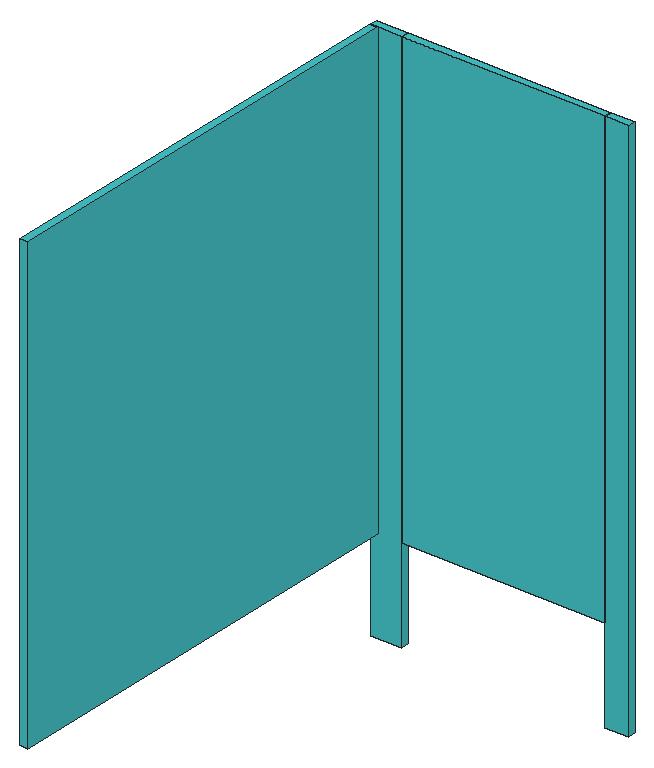
Revit family "PFX_A3-Toilet-Stall-540", category Specialty Equipment, host Wall, Revit 2016
Family settings
  Host = Wall
  Part Type = Normal
  Round Connector Dimension = Use Diameter
  Always vertical = Yes
  Cut with Voids When Loaded = No
  Shared = No
  Room Calculation Point = No
Parameters (values of type "Toilet Stall 32" x 56" Clear")
  Assembly Code = "C1030100"
  Door Width = 2' - 2"
  Length = 4' - 8"
  Toilet Partition = Toilet Partition
  Width = 2' - 8"
Types (2): name | Length | Width
  Toilet Stall 32" x 56" Clear | 4' - 8" | 2' - 8"
  Toilet Stall 36" x 60" Clear | 5' - 0" | 3' - 0"
Reference planes (in)
  plane 1: y = 0
  plane 2: x = 15.94107
  plane 3: y = 2.5
  plane 4 "Center (L/R)": x = 31.94107
  plane 5: x = -0.05893
  plane 6: y = 58.5
  plane 7 "Center (F/B)": y = 2.5
  plane 8: x = -1.05893
  plane 9: y = 59.5
  plane 10: x = 9.94107
  plane 11: z = 12
  plane 12: z = 70
  plane 13: x = 2.94107
  plane 14: x = 28.94107
Forms (in)
  Extrusion 1, solid, material "Toilet Partition" <- "Toilet Partition"
    sketch origin (-60, 2.5625, 0) x (-1, 0, 0) y (0, 0, 1)
      loop
        line (-59.94107, 70) -> (-59.94107, 12) -> (-58.94107, 12) -> (-58.94107, 70) -> (-59.94107, 70)
    from -0.0625 to 55.9375
  Extrusion 2, solid, material "Toilet Partition" <- "Toilet Partition"
    sketch origin (0, 0, 0) x (1, 0, 0) y (0, 1, 0)
      loop
        line (-1.05893, 59.5) -> (-1.05893, 58.5) -> (2.94107, 58.5) -> (2.94107, 59.5) -> (-1.05893, 59.5)
      loop
        line (28.94107, 59.5) -> (28.94107, 58.5) -> (31.94107, 58.5) -> (31.94107, 59.5) -> (28.94107, 59.5)
    from 0 to 70
  Extrusion 3, solid, material "Toilet Partition" <- "Toilet Partition"
    sketch origin (0, 0, 0) x (1, 0, 0) y (0, 1, 0)
      loop
        line (2.94107, 59.5) -> (2.94107, 58.5) -> (28.94107, 58.5) -> (28.94107, 59.5) -> (2.94107, 59.5)
    from 12 to 70
Lines and regions (in)
  model lines, style "InvisibleLines"
    curve 1: line (31.94107, 2.5, 0) -> (31.94107, 58.5, 0)
    curve 3: line (31.94107, 2.5, 0) -> (31.94107, 2.5, 70)
  model lines, style "SpecialityEquipment"
    curve 2: line (-1.05893, 2.5, 70) -> (-0.05893, 2.5, 70)
  model lines, style "Toilet Accessories-Dashed"
    curve 4: line (-0.05893, 2.5, 70) -> (31.94107, 2.5, 70)
    curve 5: line (-0.05893, 2.5, 12) -> (31.94107, 2.5, 12)
  symbolic lines, style "Toilet Accessories-Dashed"
    curve 6: line (28.94107, 0, 70) -> (2.94107, 0, 41)
    curve 7: line (2.94107, 0, 41) -> (28.94107, 0, 12)
  symbolic lines, style "Toilet Accessories"
    curve 8: line (-1.05893, 2.5, 0) -> (-1.05893, 59.5, 0)
    curve 9: line (-1.05893, 59.5, 0) -> (2.94107, 59.5, 0)
    curve 10: line (2.94107, 59.5, 0) -> (2.94107, 58.5, 0)
    curve 11: line (2.94107, 58.5, 0) -> (-0.05893, 58.5, 0)
    curve 12: line (-0.05893, 58.5, 0) -> (-0.05893, 2.5, 0)
    curve 13: line (-0.05893, 2.5, 0) -> (-1.05893, 2.5, 0)
    curve 14: line (28.94107, 59.5, 0) -> (28.94107, 58.5, 0)
    curve 15: line (28.94107, 58.5, 0) -> (31.94107, 58.5, 0)
    curve 16: line (31.94107, 59.5, 0) -> (28.94107, 59.5, 0)
    curve 17: line (2.94107, 58.5, 0) -> (2.94107, 32.5, 0)
    curve 18: line (2.94107, 32.5, 0) -> (3.94107, 32.5, 0)
    curve 19: line (3.94107, 32.5, 0) -> (3.94107, 58.5, 0)
    curve 20: line (3.94107, 58.5, 0) -> (2.94107, 58.5, 0)
    curve 21: arc (28.94107, 58.5, 0) -> (21.32585, 40.11522, 0) -> (2.94107, 32.5, 0) r 26
    curve 22: line (31.94107, 59.5, 0) -> (31.94107, 58.5, 0)
Text (in)
  text "Placement Side" at (0, 40.15149, 123.01588), in view "Right"
  text "Placement Side, matches cursor" at (-46.06407, 47.04732, 0), in view "Floor Line"
  text "Placement Side" at (0, 65.23256, 117.93067), in view "Left"
Dimensions and locks (in)
  "Width": plane 5 to plane 4 "Center (L/R)"
  locked: plane 7 "Center (F/B)" to host wall
  "Length": plane 7 "Center (F/B)" to plane 6
  locked: plane 6 to plane 9 at 1
  locked: plane 8 to plane 5 at 1
  plane 11 to plane 12 = 4' - 10"
  host wall to plane 11 = 1' - 0"
  equal spacing: plane 5, plane 2, plane 4 "Center (L/R)"
  equal spacing: plane 11, curve 7, plane 12
  locked: plane 8 to plane 13 at 4
  "Door Width": plane 13 to plane 14
  locked: curve 17 to curve 19 at 1
  aligned and locked: plane 3 to host wall
  aligned and locked: Extrusion 1 to plane 6
  aligned and locked: Extrusion 2 sketch curve to plane 9
  aligned and locked: Extrusion 2 sketch curve to plane 6  (x2)
  aligned and locked: Extrusion 2 sketch curve to plane 4 "Center (L/R)"
  aligned and locked: Extrusion 2 to curve 2
  aligned and locked: Extrusion 3 sketch curve to Extrusion 2  (x2)
  aligned and locked: plane 11 to Extrusion 3
  aligned and locked: plane 13 to curve 10
  aligned and locked: plane 13 to curve 17
  aligned and locked: plane 14 to curve 14
  aligned and locked: Extrusion 3 sketch curve to plane 13
  aligned and locked: Extrusion 2 sketch curve to plane 14
  aligned and locked: plane 13 to Extrusion 2 sketch curve
  aligned and locked: curve 6 to Extrusion 2
  aligned and locked: curve 7 to Extrusion 3
  aligned: curve 22 to plane 4 "Center (L/R)"
Automatic sketch dimensions
  Extrusion 1 sketch curve to plane 5 = 0' - 0"
  Extrusion 1 sketch curve to plane 8 = 0' - 0"
  Extrusion 1 sketch curve to plane 11 = 0' - 0"
  Extrusion 1 sketch curve to plane 12 = 0' - 0"
  Extrusion 3 sketch curve to plane 9 = 0' - 0"
  Extrusion 2 sketch curve to plane 8 = 0' - 0"
  Extrusion 2 sketch curve to plane 9 = 0' - 0"
  curve 6 to plane 12 = 0' - 0"
  curve 5 to plane 4 "Center (L/R)" = 0' - 0"
  curve 5 to plane 11 = 0' - 0"
  curve 3 to level = 0' - 0"
  curve 2 to plane 8 = 0' - 0"
  curve 2 to plane 5 = 0' - 0"
  curve 5 to plane 5 = 0' - 0"
  curve 7 to plane 13 = 0' - 0"
  curve 7 to plane 14 = 0' - 0"
  curve 13 to host wall = 0' - 0"
  curve 13 to plane 8 = 0' - 0"
  curve 13 to plane 5 = 0' - 0"
  curve 1 to host wall = 0' - 0"
  curve 22 to plane 4 "Center (L/R)" = 0' - 0"
  curve 11 to plane 6 = 0' - 0"
  curve 1 to plane 6 = 0' - 0"
  curve 16 to plane 9 = 0' - 0"
  curve 9 to plane 9 = 0' - 0"
